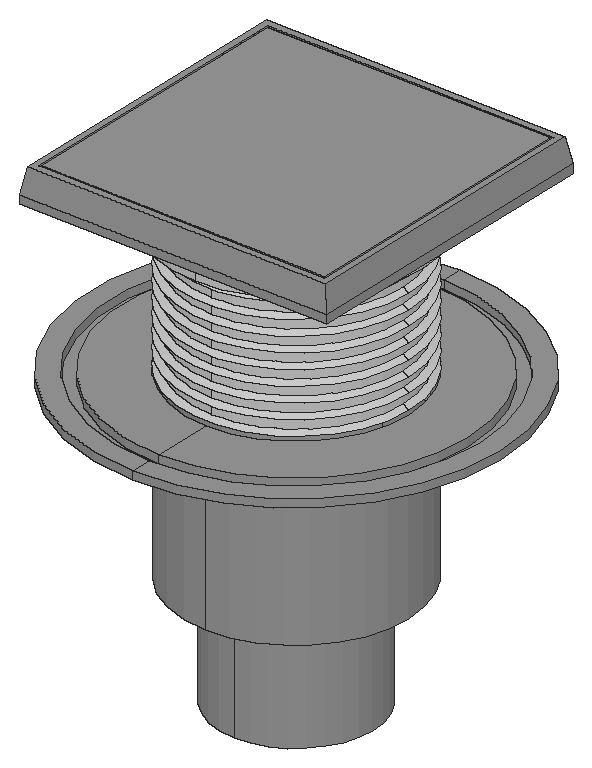
Revit family "145_HL310NPrG", category Instalační zařizovací předměty, Revit 2016
Family settings
  Typ součásti = Normální
  Kóta kulaté spojky = Použít průměr
  Číslo OmniClass = 23.70.50.21.24.14
  Nadpis OmniClass = Deck Waste Water Drains
  Založené na pracovní rovině = Ne
  Vždy vertikální = Ano
  Ořezat dutým tvarem při načtení = Ne
  Sdílené = Ano
  Bod výpočtu místnosti = Ano
Parameters (values of type "HL310NPrG")
  РЕШЁТКА = "137 x 137 mm / GJL"
  РАЗМЕР = "DN50/75/110"
  ПРОПУСКНАЯ СПОСОБНОСТЬ = 0.5 L/s
  ПРОИЗВОДИТЕЛЬНОСТЬ = "0,5 l/s"
  ПРАВОВАЯ ИНФОРМАЦИЯ = "Авторские права(©), права на дизайн или какие либо другие права интелектуальной собственности являются исключительной собственностью компании HL Hutterer & Lechner. Изменению не подлежит. Файл семейства с данными о прозводителе изделия защищен паролем с водяным знаком."  # constant formula
  НОМИНАЛЬНЫЙ ДИАМЕТР = 110 mm
  НАСАДКА = "35-75 mm / 150 x 150 mm / GJL"
  МАТЕРИАЛ = "PE"
  МАКСИМАЛЬНАЯ НАГРУЗКА КЛАССА = "A/L15 - 1,5 t"
  ВЫСОТА МОНТАЖА = "179 mm"
  ВЕС = "2,43 [kg]"
  Připojení ventilace = no
  Výrobce = "HL Hutterer & Lechner GmbH"  # constant formula
  URL = "http://www.hutterer-lechner.com/ru/Products/catalog/floor-drains/attachments/HL310NPrG.aspx"
  Připojení odpadu = yes
  Připojení HW = no
  Popis = "Трапы для внутренних помещений"
  Model = "HL310NPrG"
  Komentáře k typům = "HL310NPrG Трап для внутренних помещений DN50/75/110 вертикальный с запахозапирающим устройством Primus, 150х150мм/137х137мм чугун."
  Keynote = "HL310NPrG"
  Высота монтажа [instance] = 240 mm
  EAN = "9003076004690"
  DN_test [instance] = if(or(НОМИНАЛЬНЫЙ ДИАМЕТР = 50 mm, НОМИНАЛЬНЫЙ ДИАМЕТР = 75 mm, НОМИНАЛЬНЫЙ ДИАМЕТР = 110 mm), 30 mm, 0 mm)  # 30 mm
  Připojení CW = no
  B [instance] = if(НОМИНАЛЬНЫЙ ДИАМЕТР = 110 mm, Высота монтажа - 55 mm, Высота монтажа)  # 185 mm
  A [instance] = if(B - 100 mm > 15 mm, B - 100 mm, 15 mm)  # 85 mm
Reference planes
  plane 1 "Center (Front/Back)": y = 0
  plane 2: z = 0
  plane 3 "Center (Left/Right)": x = 0
  plane 4 "Ball Joint Vertical": x = 25.45
  plane 5: z = -240
  plane 6: z = -185
Lines and regions (mm)
  model lines, style "InvisibleLines"
    curve 1: line (0, 0, 0) -> (0, 0, 1000)
  reference lines
    curve 2: line (0, 0, 0) -> (0, 0, -185)
  model lines, detail levels coarse+medium
    curve 3: line (0, 0, -185) -> (0, 0, -100)
    curve 4: line (0, 0, -100) -> (100, 0, 0)
    curve 5: line (0, 0, -100) -> (-100, 0, 0)
  symbolic lines, detail levels coarse+medium
    curve 6: line (-75, 75, 0) -> (75, 75, 0)
    curve 7: line (-75, -75, 0) -> (-75, 75, 0)
    curve 8: line (75, -75, 0) -> (-75, -75, 0)
    curve 9: line (75, 75, 0) -> (75, -75, 0)
    curve 10: line (75, 75, 0) -> (145.711, 145.711, 0)
    curve 11: line (75, -75, 0) -> (145.711, -145.711, 0)
    curve 12: line (-75, 75, 0) -> (-145.711, 145.711, 0)
    curve 13: line (-75, -75, 0) -> (-145.711, -145.711, 0)
  symbolic lines, not visible, detail levels coarse+medium
    curve 14: line (-75, 75, 0) -> (75, 75, 0)
    curve 15: line (-75, -75, 0) -> (-75, 75, 0)
    curve 16: line (75, -75, 0) -> (-75, -75, 0)
    curve 17: line (75, 75, 0) -> (75, -75, 0)
    curve 18: line (75, 75, 0) -> (145.711, 145.711, 0)
    curve 19: line (75, -75, 0) -> (145.711, -145.711, 0)
    curve 20: line (-75, 75, 0) -> (-145.711, 145.711, 0)
    curve 21: line (-75, -75, 0) -> (-145.711, -145.711, 0)
  symbolic lines
    curve 22: line (0, 0, 0) -> (0, 0, -30)
Text (mm)
  text "ПОЛ" at (-198.233, 0, -26.556), in view "Drain Construction View"
Dimensions and locks
  locked: plane 4 "Ball Joint Vertical" to plane 3 "Center (Left/Right)" at 25.45
  "Высота монтажа": plane 2 to plane 5
  "A": curve 5 to plane 6
  "B": curve 5 to plane 6
  "B": curve 4 to plane 6
  "B": plane 2 to plane 6
  locked: nested 1 to plane 5
  "DN_test": curve 22 to curve 22
  locked: curve 4 to plane 3 "Center (Left/Right)" (angle 45.00°)
  locked: plane 3 "Center (Left/Right)" to curve 5 (angle 45.00°)
  aligned and locked: level to plane 2
  aligned and locked: plane 2 to curve 1
  aligned and locked: plane 3 "Center (Left/Right)" to curve 1
  aligned and locked: plane 3 "Center (Left/Right)" to curve 2
  aligned and locked: plane 3 "Center (Left/Right)" to curve 3
  aligned and locked: plane 3 "Center (Left/Right)" to curve 5
  aligned and locked: plane 2 to curve 2
  aligned and locked: plane 6 to curve 2
  aligned and locked: plane 6 to curve 3
Automatic sketch dimensions
  level to curve 1 = 1000 mm
Nested families
  nested 1: "HL_Корпус для трапа внутренних помещений_HL310NK" at (0, 0, -95.604), type "HL310NK_Main Component"
  nested 2: "HL_Вкладыш сифона_HL2000" at (0, 0, -25.8), type "HL2000_Main Component"
  nested 3: "HL_Решётка_HL037G.1E" at (0, 0, 0), type "HL037G.1E_Main Component"
  nested 4: "HL_Насадная деталь_HL037G.2E" at (0, 0, 0), type "HL037G.2E_Main Component"
    with Высота монтажа 75 mm, RN 9, RL 58.5 mm, R yes, NL_Test yes, NL 95 mm
Connectors
  piping at (0, 0, -185), diameter 110, driven by "ПРОПУСКНАЯ СПОСОБНОСТЬ", driven by "НОМИНАЛЬНЫЙ ДИАМЕТР"
    settings: on curve 2, index 1, connector inside diameter 609.6 mm, connector length 0 mm, flow factor 0, pipe flow 0.5 L/s, pressure drop 0.0 Pa, fitting loss kfactor 0, connector angle 0.00°, fixture units 0, engagement length 0 mm, angle of deflection 0.00°, flow configuration 1, flow direction 2, fitting loss method 0, system type 16, joint type 0, gender type 0, connector reference index -1, connector utility 0, adjustable connector no, is connector primary yes, connector description ""
Definition of nested family "HL_Корпус для трапа внутренних помещений_HL310NK"
  Parameters (values of type "HL310NK")
    РАЗМЕР = "DN50/75/110"
    ПРАВОВАЯ ИНФОРМАЦИЯ = "Авторские права(©), права на дизайн или какие либо другие права интелектуальной собственности являются исключительной собственностью компании HL Hutterer & Lechner. Изменению не подлежит. Файл семейства с данными о прозводителе изделия защищен паролем с водяным знаком."  # constant formula
    МАТЕРИАЛ = "PE"
    ВЫСОТА МОНТАЖА = "144 mm"
    ВЕС = "0,23 [kg]"
    Waste Connection = yes
    Vent Connection = no
    Manufacturer = "HL Hutterer & Lechner GmbH"  # constant formula
    URL = "http://www.hutterer-lechner.com/ru/products/catalog/floor-drains/attachments/HL310nk.aspx"
    HW Connection = no
    Description = "Трапы для внутренних помещений - Комплектующие"
    Model = "HL310NK"
    Type Comments = "HL310NK пус трапа для внутренних помещений DN50/75/110 вертикальный"
    Keynote = "HL310NK"
    EAN = "9003076008674"
    CW Connection = no
  Reference planes
    plane 1 "Center (Front/Back)": y = 0
    plane 2: z = 0
    plane 3 "Center (Left/Right)": x = 0
    plane 4 "Ball Joint Vertical": x = 25.45
  Forms (mm)
    Revolve 1, solid, detail levels fine
      sketch origin (0, 0, 0) x (0, 1, 0) y (0, 0, 1)
        loop
          line (55.35, 0) -> (55.35, -22) -> (52, -22) -> (52, -86.396) -> (20, -86.396) -> (20, -88.396) -> (22, -88.396) -> (22, -89.396) -> (22, -144.396) -> (25, -144.396) -> (25, -89.396) -> (34.5, -89.396) -> (34.5, -144.396) -> (37.5, -144.396) -> (37.5, -89.396) -> (55, -89.396) -> (55, -27) -> (58.349, -27) -> (58.349, -7.5) -> (93, -7.5) -> (93, -4) -> (100, -4) -> (100, 0) -> (90, 0) -> (90, -4) -> (84, -4) -> (84, 0) -> (55.35, 0)
        axis (0, 0) -> (0, -144.396)
      angle from 0 to 360
  Text (mm)
    text "ROOF/FLOOR" at (-198.233, 0, -26.556), in view "Drain Construction View"
  Dimensions and locks
    locked: plane 4 "Ball Joint Vertical" to plane 3 "Center (Left/Right)" at 25.45
    aligned and locked: level to plane 2
Definition of nested family "HL_Вкладыш сифона_HL2000"
  Parameters (values of type "HL2000")
    ПРАВОВАЯ ИНФОРМАЦИЯ = "Авторские права(©), права на дизайн или какие либо другие права интелектуальной собственности являются исключительной собственностью компании HL Hutterer & Lechner. Изменению не подлежит. Файл семейства с данными о прозводителе изделия защищен паролем с водяным знаком."  # constant formula
    МАТЕРИАЛ = "PP/ABS"
    ВЕС = "0,113 [kg]"
    Waste Connection = yes
    Vent Connection = no
    Manufacturer = "HL Hutterer & Lechner GmbH"  # constant formula
    URL = "http://www.hutterer-lechner.com/ru/products/catalog/floor-drains/attachments/HL2000.aspx"
    HW Connection = no
    EAN = "9003076004560"
    Description = "Трапы для внутренних помещений - Комплектующие"
    Model = "HL2000"
    Type Comments = "HL2000 Вкладыш запахозапирающий Primus"
    Keynote = "HL2000"
    CW Connection = no
  Reference planes
    plane 1 "Center (Front/Back)": y = 0
    plane 2: z = 0
    plane 3 "Center (Left/Right)": x = 0
    plane 4 "Ball Joint Vertical": x = 25.45
  Forms (mm)
    Revolve 1, solid, detail levels fine
      sketch origin (0, 0, 0) x (0, 1, 0) y (0, 0, 1)
        loop
          line (53, 0) -> (45, 0) -> (45, -68.5) -> (18, -68.5) -> (18, -15.003) -> (16, -15.003) -> (16, -70.5) -> (47, -70.5) -> (47, -21) -> (48.894, -21) -> (48.894, -14) -> (49.7, -14) -> (49.7, -2) -> (53, -2) -> (53, 0)
        axis (0, 0) -> (0, -70.5)
      angle from 0 to 360
    Extrusion 2, solid, detail levels fine
      sketch origin (0, 0, 0) x (1, 0, 0) y (0, 1, 0)
        loop
          line (-19.787, -11.726) -> (-17.395, -9.334) -> (-9.334, -17.395) -> (-11.726, -19.787)
          arc (-11.726, -19.787) -> (16.263, -16.263) -> (19.787, 11.726) r 23
          line (19.787, 11.726) -> (17.395, 9.334) -> (9.334, 17.395) -> (11.726, 19.787)
          arc (11.726, 19.787) -> (-16.263, 16.263) -> (-19.787, -11.726) r 23
      from -78 to -79.5
    Extrusion 3, solid, detail levels fine
      sketch origin (0, 0, 0) x (1, 0, 0) y (0, 1, 0)
        loop
          line (13.011, 21.072) -> (9.334, 17.395) -> (17.395, 9.334) -> (21.072, 13.011) -> (13.011, 21.072)
        loop
          line (-17.395, -9.334) -> (-21.072, -13.011) -> (-13.011, -21.072) -> (-9.334, -17.395) -> (-17.395, -9.334)
      from -68.5 to -79.5
    Revolve 4, solid, detail levels fine
      sketch origin (0, 0, 0) x (0, 1, 0) y (0, 0, 1)
        loop
          line (40, -13.503) -> (0, -13.503) -> (0, -15.003) -> (25, -15.003) -> (25, -68.5) -> (40, -68.5) -> (40, -13.503)
        axis (0, -13.503) -> (0, -68.5)
      angle from 0 to 360
    Revolve 5, solid, detail levels fine
      sketch origin (0, 0, 0) x (0, 1, 0) y (0, 0, 1)
        loop
          arc (49.7, -10.402) -> (50.661, -8.7) -> (49.7, -6.998) r 1.988
          line (49.7, -6.998) -> (49.7, -10.402)
        axis (0, -6.998) -> (0, -10.402)
      angle from 0 to 360
  Cuts and joins
    joined: Revolve 1, Extrusion 2, Extrusion 3, Revolve 4
  Text (mm)
    text "ROOF/FLOOR" at (-198.233, 0, -26.556), in view "Drain Construction View"
    text "HL_GRATE FRAME LENGTH  must be between\n\n12 and 70 mm. Use extension to prolong. " at (88.527, 0, -8.583), in view "Drain Construction View"
  Dimensions and locks
    locked: plane 4 "Ball Joint Vertical" to plane 3 "Center (Left/Right)" at 25.45
    aligned and locked: level to plane 2
Definition of nested family "HL_Решётка_HL037G.1E"
  Parameters (values of type "HL037G.1E")
    РАЗМЕР = "137x137mm"
    ПРАВОВАЯ ИНФОРМАЦИЯ = "Авторские права(©), права на дизайн или какие либо другие права интелектуальной собственности являются исключительной собственностью компании HL Hutterer & Lechner. Изменению не подлежит. Файл семейства с данными о прозводителе изделия защищен паролем с водяным знаком."  # constant formula
    МАТЕРИАЛ = "Gusseisen"
    МАКСИМАЛЬНАЯ НАГРУЗКА КЛАССА = "A/L15 - 1,5 t"
    ВЕС = "0,91 [kg]"
    Waste Connection = yes
    Vent Connection = no
    Manufacturer = "HL Hutterer & Lechner GmbH"  # constant formula
    URL = "http://www.hutterer-lechner.com/ru/Products/catalog/floor-drains/attachments/HL037G.1E.aspx"
    HW Connection = no
    Description = "Трапы для внутренних помещений - Комплектующие"
    Model = "HL037G.1E"
    Type Comments = "HL037G.1E Чугунные решетки для сливных отверстий 137х137мм"
    Keynote = "HL037G.1E"
    EAN = "9003076009046"
    CW Connection = no
  Reference planes
    plane 1 "Center (Front/Back)": y = 0
    plane 2: z = 0
    plane 3 "Center (Left/Right)": x = 0
    plane 4 "Ball Joint Vertical": x = 25.45
  Forms (mm)
    Extrusion 1, solid, detail levels fine
      sketch origin (0, 0, 0) x (1, 0, 0) y (0, 1, 0)
        loop
          line (-69, 69) -> (-69, -69) -> (69, -69) -> (69, 69) -> (-69, 69)
      from 0 to -8
  Lines and regions (mm)
    model lines, detail levels fine
      curve 1: line (-8.15, 4.25, 0) -> (-8.15, -4.25, 0)
      curve 2: line (-6.4, 1.625, 0) -> (-6.4, 4.25, 0)
      curve 3: line (-2.65, 0.875, 0) -> (-5.65, 0.875, 0)
      curve 4: line (-5.65, -0.875, 0) -> (-2.65, -0.875, 0)
      curve 5: line (-6.4, -4.25, 0) -> (-6.4, -1.625, 0)
      curve 6: line (-0.15, -4.25, 0) -> (-0.15, 4.25, 0)
      curve 7: line (1.65, 4.25, 0) -> (1.65, -4.25, 0)
      curve 8: line (3.4, -2.5, 0) -> (3.4, 4.25, 0)
      curve 9: line (7.4, -3.25, 0) -> (4.15, -3.25, 0)
      curve 10: line (2.4, -5, 0) -> (7.4, -5, 0)
      curve 11: arc (-8.15, -4.25, 0) -> (-7.275, -5.125, 0) -> (-6.4, -4.25, 0) r 0.875
      curve 12: arc (-8.15, 4.25, 0) -> (-7.275, 5.125, 0) -> (-6.4, 4.25, 0) r 0.875
      curve 13: arc (-6.4, 1.625, 0) -> (-6.18, 1.095, 0) -> (-5.65, 0.875, 0) r 0.75
      curve 14: arc (-5.65, -0.875, 0) -> (-6.18, -1.095, 0) -> (-6.4, -1.625, 0) r 0.75
      curve 15: arc (-2.65, -0.875, 0) -> (-2.12, -1.095, 0) -> (-1.9, -1.625, 0) r 0.75
      curve 16: arc (-2.65, 0.875, 0) -> (-2.12, 1.095, 0) -> (-1.9, 1.625, 0) r 0.75
      curve 17: arc (-1.9, 4.25, 0) -> (-1.025, 5.125, 0) -> (-0.15, 4.25, 0) r 0.875
      curve 18: arc (1.65, 4.25, 0) -> (2.525, 5.125, 0) -> (3.4, 4.25, 0) r 0.875
      curve 19: arc (7.4, -3.25, 0) -> (8.275, -4.125, 0) -> (7.4, -5, 0) r 0.875
      curve 20: arc (4.15, -3.25, 0) -> (3.62, -3.03, 0) -> (3.4, -2.5, 0) r 0.75
      curve 21: arc (1.65, -4.25, 0) -> (1.87, -4.78, 0) -> (2.4, -5, 0) r 0.75
      curve 22: arc (-1.9, -4.25, 0) -> (-1.025, -5.125, 0) -> (-0.15, -4.25, 0) r 0.875
      curve 23: line (-1.9, -1.625, 0) -> (-1.9, -4.25, 0)
      curve 24: line (-1.9, 1.625, 0) -> (-1.9, 4.25, 0)
      curve 25: line (-10.607, 16.263, 0) -> (-28.989, 34.646, 0)
      curve 26: line (-34.646, 28.989, 0) -> (-16.263, 10.607, 0)
      curve 27: line (-21.211, 38.181, 0) -> (-12.021, 28.991, 0)
      curve 28: line (-6.364, 34.648, 0) -> (-15.554, 43.838, 0)
      curve 29: line (-28.991, 12.021, 0) -> (-38.181, 21.211, 0)
      curve 30: line (-43.838, 15.554, 0) -> (-34.648, 6.364, 0)
      curve 31: arc (-43.838, 15.554, 0) -> (-43.838, 21.211, 0) -> (-38.181, 21.211, 0) r 4
      curve 32: arc (-28.991, 12.021, 0) -> (-28.991, 6.364, 0) -> (-34.648, 6.364, 0) r 4
      curve 33: arc (-34.646, 28.989, 0) -> (-34.646, 34.646, 0) -> (-28.989, 34.646, 0) r 4
      curve 34: arc (-16.263, 10.607, 0) -> (-10.607, 10.607, 0) -> (-10.607, 16.263, 0) r 4
      curve 35: arc (-12.021, 28.991, 0) -> (-6.364, 28.991, 0) -> (-6.364, 34.648, 0) r 4
      curve 36: arc (-21.211, 38.181, 0) -> (-21.211, 43.838, 0) -> (-15.554, 43.838, 0) r 4
      curve 37: line (16.263, 10.607, 0) -> (34.646, 28.989, 0)
      curve 38: line (28.989, 34.646, 0) -> (10.607, 16.263, 0)
      curve 39: line (38.181, 21.211, 0) -> (28.991, 12.021, 0)
      curve 40: line (34.648, 6.364, 0) -> (43.838, 15.554, 0)
      curve 41: line (12.021, 28.991, 0) -> (21.211, 38.181, 0)
      curve 42: line (15.554, 43.838, 0) -> (6.364, 34.648, 0)
      curve 43: arc (15.554, 43.838, 0) -> (21.211, 43.838, 0) -> (21.211, 38.181, 0) r 4
      curve 44: arc (12.021, 28.991, 0) -> (6.364, 28.991, 0) -> (6.364, 34.648, 0) r 4
      curve 45: arc (28.989, 34.646, 0) -> (34.646, 34.646, 0) -> (34.646, 28.989, 0) r 4
      curve 46: arc (10.607, 16.263, 0) -> (10.607, 10.607, 0) -> (16.263, 10.607, 0) r 4
      curve 47: arc (28.991, 12.021, 0) -> (28.991, 6.364, 0) -> (34.648, 6.364, 0) r 4
      curve 48: arc (38.181, 21.211, 0) -> (43.838, 21.211, 0) -> (43.838, 15.554, 0) r 4
      curve 49: line (-10.607, -16.263, 0) -> (-28.989, -34.646, 0)
      curve 50: line (-34.646, -28.989, 0) -> (-16.263, -10.607, 0)
      curve 51: line (-21.211, -38.181, 0) -> (-12.021, -28.991, 0)
      curve 52: line (-6.364, -34.648, 0) -> (-15.554, -43.838, 0)
      curve 53: line (-28.991, -12.021, 0) -> (-38.181, -21.211, 0)
      curve 54: line (-43.838, -15.554, 0) -> (-34.648, -6.364, 0)
      curve 55: arc (-43.838, -15.554, 0) -> (-43.838, -21.211, 0) -> (-38.181, -21.211, 0) r 4
      curve 56: arc (-28.991, -12.021, 0) -> (-28.991, -6.364, 0) -> (-34.648, -6.364, 0) r 4
      curve 57: arc (-34.646, -28.989, 0) -> (-34.646, -34.646, 0) -> (-28.989, -34.646, 0) r 4
      curve 58: arc (-16.263, -10.607, 0) -> (-10.607, -10.607, 0) -> (-10.607, -16.263, 0) r 4
      curve 59: arc (-12.021, -28.991, 0) -> (-6.364, -28.991, 0) -> (-6.364, -34.648, 0) r 4
      curve 60: arc (-21.211, -38.181, 0) -> (-21.211, -43.838, 0) -> (-15.554, -43.838, 0) r 4
      curve 61: line (16.263, -10.607, 0) -> (34.646, -28.989, 0)
      curve 62: line (28.989, -34.646, 0) -> (10.607, -16.263, 0)
      curve 63: line (38.181, -21.211, 0) -> (28.991, -12.021, 0)
      curve 64: line (34.648, -6.364, 0) -> (43.838, -15.554, 0)
      curve 65: line (12.021, -28.991, 0) -> (21.211, -38.181, 0)
      curve 66: line (15.554, -43.838, 0) -> (6.364, -34.648, 0)
      curve 67: arc (15.554, -43.838, 0) -> (21.211, -43.838, 0) -> (21.211, -38.181, 0) r 4
      curve 68: arc (12.021, -28.991, 0) -> (6.364, -28.991, 0) -> (6.364, -34.648, 0) r 4
      curve 69: arc (28.989, -34.646, 0) -> (34.646, -34.646, 0) -> (34.646, -28.989, 0) r 4
      curve 70: arc (10.607, -16.263, 0) -> (10.607, -10.607, 0) -> (16.263, -10.607, 0) r 4
      curve 71: arc (28.991, -12.021, 0) -> (28.991, -6.364, 0) -> (34.648, -6.364, 0) r 4
      curve 72: arc (38.181, -21.211, 0) -> (43.838, -21.211, 0) -> (43.838, -15.554, 0) r 4
    model lines
      curve 73: line (0, 0, 0) -> (0, 0, 100)
  Text (mm)
    text "ROOF/FLOOR" at (-198.233, 0, -26.556), in view "Drain Construction View"
  Dimensions and locks
    locked: plane 4 "Ball Joint Vertical" to plane 3 "Center (Left/Right)" at 25.45
    aligned and locked: level to plane 2
Definition of nested family "HL_Насадная деталь_HL037G.2E"
  Parameters (values of type "HL037G.2E")
    РАЗМЕР = "d 110 mm"
    ПРАВОВАЯ ИНФОРМАЦИЯ = "Авторские права(©), права на дизайн или какие либо другие права интелектуальной собственности являются исключительной собственностью компании HL Hutterer & Lechner. Изменению не подлежит. Файл семейства с данными о прозводителе изделия защищен паролем с водяным знаком."  # constant formula
    НАСАДКА = "150x150mm"
    МАКСИМАЛЬНАЯ НАГРУЗКА КЛАССА = "A/L15 - 1,5 t"
    Высота монтажа [instance] = 75 mm
    ВЕС = "2,03 [kg]"
    Waste Connection = yes
    Vent Connection = no
    RD = 6.5 mm  # constant formula
    R [instance] = ((Высота монтажа - NL_Min) / RD - 1) > 2  # yes
    RL [instance] = RD * RN  # 58.5 mm
    NL_Test [instance] = and(or(Высота монтажа < NL_Max, Высота монтажа = NL_Max), or(Высота монтажа > NL_Min, Высота монтажа = NL_Min))  # yes
    NL_Min = 30 mm
    NL_Max = 95 mm
    NL [instance] = if(NL_Test, Высота монтажа + 20 mm, 0 mm)  # 95 mm
    RN [instance] = if((Высота монтажа + 20 mm - NL_Min) / RD - 1 < 2, 2, (Высота монтажа + 20 mm - NL_Min) / RD - 1)  # 9
    Manufacturer = "HL Hutterer & Lechner GmbH"  # constant formula
    URL = "http://www.hutterer-lechner.com/ru/Products/catalog/floor-drains/attachments/HL037G.2E.aspx"
    HW Connection = no
    Description = "Трапы для внутренних помещений - Комплектующие"
    Model = "HL037G.2E"
    Type Comments = "HL037G.2E Подрамники d 110 мм из чугуна 150х150 мм"
    Keynote = "HL037G.2E"
    EAN = "9003076025404"
    CW Connection = no
  Reference planes
    plane 1 "Center (Front/Back)": y = 0
    plane 2: z = 0
    plane 3 "Center (Left/Right)": x = 0
    plane 4 "Ball Joint Vertical": x = 25.45
    plane 5: z = -95
  Forms (mm)
    Extrusion 1, solid, detail levels fine
      sketch origin (0, 0, 0) x (1, 0, 0) y (0, 1, 0)
        loop
          line (-75, 75) -> (-75, -75) -> (75, -75) -> (75, 75) -> (-75, 75)
        loop
          circle (0, 0) r 50.15
      from -12 to -16
    Sweep 2, solid, detail levels fine
      path in 3D
        loop
          line (-75, 75, -12) -> (-75, -75, -12) -> (75, -75, -12) -> (75, 75, -12) -> (-75, 75, -12)
      profile origin (0, 75, -12) x (0, -1, 0) y (0, 0, 1)
        loop
          line (2.116, 12) -> (0, 0) -> (15, 0) -> (15, 4) -> (5, 4) -> (5, 12) -> (2.116, 12)
    Extrusion 3, solid, detail levels fine
      sketch origin (0, 0, 0) x (1, 0, 0) y (0, 1, 0)
        loop
          line (-60, 60) -> (-60, -60) -> (60, -60) -> (60, 60) -> (-60, 60)
        loop
          circle (0, 0) r 50.5
      from -8 to -12
    Revolve 4, solid, detail levels fine
      sketch origin (0, 0, 0) x (0, 1, 0) y (0, 0, 1)
        loop
          line (64.5, -16) -> (62.224, -16) -> (59.8, -18.424) -> (59.8, -27.8) -> (50.15, -27.8) -> (50.15, -29.5) -> (50.15, -95) -> (51.85, -95) -> (51.85, -29.5) -> (61.5, -29.5) -> (61.5, -19) -> (64.5, -16)
        axis (0, -16) -> (0, -95)
      angle from 0 to 360
  Cuts and joins
    joined: Extrusion 1, Sweep 2, Extrusion 3
  Lines and regions (mm)
    symbolic lines
      curve 1: line (0, 0, -95) -> (0, 0, 0)
    sketch lines
      curve 2: line (75, 75, -12) -> (-75, 75, -12)
      curve 3: line (75, -75, -12) -> (75, 75, -12)
      curve 4: line (-75, -75, -12) -> (75, -75, -12)
      curve 5: line (-75, 75, -12) -> (-75, -75, -12)
  Text (mm)
    text "ROOF/FLOOR" at (-198.233, 0, -26.556), in view "Drain Construction View"
  Dimensions and locks
    locked: plane 4 "Ball Joint Vertical" to plane 3 "Center (Left/Right)" at 25.45
    "NL": plane 2 to plane 5
    equal spacing: group 1, group 3, group 4, group 5, group 6, group 7, group 8, group 9, group 2  (x3)
    "RL": nested 2 to nested 1
    locked: nested 1 to plane 5 at 1.516
    aligned and locked: level to plane 2
    aligned and locked: plane 3 "Center (Left/Right)" to nested 1
    aligned and locked: plane 1 "Center (Front/Back)" to nested 1
    aligned and locked: plane 2 to curve 1
    aligned and locked: plane 5 to curve 1
    aligned and locked: plane 5 to Revolve 4
  Automatic sketch dimensions
    curve 1 to plane 4 "Ball Joint Vertical" = 25.45 mm
    Extrusion 1 sketch curve to Extrusion 1 sketch curve = 0 mm  (x2)
    plane 1 "Center (Front/Back)" to Extrusion 1 sketch curve = 0 mm
    Extrusion 1 sketch curve to plane 3 "Center (Left/Right)" = 0 mm
    Extrusion 1 sketch curve to plane 3 "Center (Left/Right)" = 75 mm
    plane 4 "Ball Joint Vertical" to Extrusion 1 sketch curve = 49.55 mm
    plane 1 "Center (Front/Back)" to Extrusion 1 sketch curve = 75 mm
    Extrusion 1 sketch curve to plane 1 "Center (Front/Back)" = 75 mm
    plane 1 "Center (Front/Back)" to Extrusion 1 sketch curve = 5.198 mm
    Extrusion 1 sketch curve to plane 3 "Center (Left/Right)" = 49.88 mm
    Extrusion 1 sketch curve to plane 1 "Center (Front/Back)" = 5.198 mm
    Sweep 2 sketch curve to profile plane = 0 mm  (x2)
    Sweep 2 sketch curve to profile plane = 2.116 mm
    Sweep 2 sketch curve to Sweep 2 sketch curve = 2.884 mm
    profile plane to Sweep 2 sketch curve = 4 mm
    Sweep 2 sketch curve to Sweep 2 sketch curve = 10 mm
    Sweep 2 sketch curve to Sweep 2 sketch curve = 8 mm
    Extrusion 3 sketch curve to Extrusion 3 sketch curve = 0 mm  (x2)
    plane 1 "Center (Front/Back)" to Extrusion 3 sketch curve = 0 mm
    Extrusion 3 sketch curve to plane 3 "Center (Left/Right)" = 0 mm
    Extrusion 3 sketch curve to plane 3 "Center (Left/Right)" = 60 mm
    plane 4 "Ball Joint Vertical" to Extrusion 3 sketch curve = 34.55 mm
    plane 1 "Center (Front/Back)" to Extrusion 3 sketch curve = 60 mm
    Extrusion 3 sketch curve to plane 1 "Center (Front/Back)" = 60 mm
    Extrusion 3 sketch curve to plane 1 "Center (Front/Back)" = 5.234 mm
    Extrusion 3 sketch curve to plane 3 "Center (Left/Right)" = 50.228 mm
    plane 1 "Center (Front/Back)" to Extrusion 3 sketch curve = 5.234 mm
    Revolve 4 sketch curve to plane 1 "Center (Front/Back)" = 0 mm
    Revolve 4 sketch curve to plane 1 "Center (Front/Back)" = 50.15 mm
    Revolve 4 sketch curve to Revolve 4 sketch curve = 1.7 mm  (x3)
    Revolve 4 sketch curve to Revolve 4 sketch curve = 7.95 mm
    Revolve 4 sketch curve to level = 16 mm
    Revolve 4 sketch curve to Revolve 4 sketch curve = 0.724 mm
    Revolve 4 sketch curve to Revolve 4 sketch curve = 2.276 mm
    Revolve 4 sketch curve to Revolve 4 sketch curve = 2.424 mm
    Revolve 4 sketch curve to Revolve 4 sketch curve = 0.576 mm
    Revolve 4 sketch curve to Revolve 4 sketch curve = 9.376 mm
    Revolve 4 sketch curve to Revolve 4 sketch curve = 0 mm
    Revolve 4 sketch curve to plane 5 = 0 mm
    Revolve 4 sketch curve to plane 5 = 60 mm
    level to Revolve 4 sketch curve = 50 mm
  Nested families
    nested 1: "Ring" at (0, 0, -93.484), visible <- "R", type "Ring"
    nested 2: "Ring" at (0, 0, -34.984), visible <- "R", type "Ring"
    nested 3: "Ring" at (0, 0, -86.171), visible <- "R", type "Ring"
    nested 4: "Ring" at (0, 0, -78.859), visible <- "R", type "Ring"
    nested 5: "Ring" at (0, 0, -71.546), visible <- "R", type "Ring"
    nested 6: "Ring" at (0, 0, -64.234), visible <- "R", type "Ring"
    nested 7: "Ring" at (0, 0, -56.921), visible <- "R", type "Ring"
    nested 8: "Ring" at (0, 0, -49.609), visible <- "R", type "Ring"
    nested 9: "Ring" at (0, 0, -42.296), visible <- "R", type "Ring"
  Definition of nested family "Ring"
    Parameters (values of type "Ring")
      Manufacturer = ""
      URL = ""
      R = D / 2  # 51.5 mm
      Description = ""
      Model = ""
      Material = none
      Type Comments = ""
      D = 103 mm
      Cost = 0
    Reference planes
      plane 1 "Střed (vpředu/vzadu)": y = 0
      plane 2: z = 0
      plane 3 "Střed (vlevo/vpravo)": x = 0
    Forms (mm)
      Revolve 1, solid, material <- "Material", detail levels fine
        sketch origin (0, 0, 0) x (1, 0, 0) y (0, 0, 1)
          loop
            line (-51.5, 1.482) -> (-54.764, 0) -> (-51.5, -1.516) -> (-51.5, 1.482)
          axis (0, 1.482) -> (0, -1.516)
        angle from 0 to 360
    Dimensions and locks
      "R": Revolve 1 sketch curve to plane 3 "Střed (vlevo/vpravo)"
      aligned and locked: level to plane 2
      aligned and locked: Revolve 1 sketch curve to plane 3 "Střed (vlevo/vpravo)"
    Automatic sketch dimensions
      Revolve 1 sketch curve to level = 0 mm
      Revolve 1 sketch curve to Revolve 1 sketch curve = 3.264 mm
      Revolve 1 sketch curve to level = 1.516 mm
      level to Revolve 1 sketch curve = 1.482 mm
      Revolve 1 sketch curve to level = 381 mm
      Revolve 1 sketch curve to Revolve 1 sketch curve = 2212.833 mm
